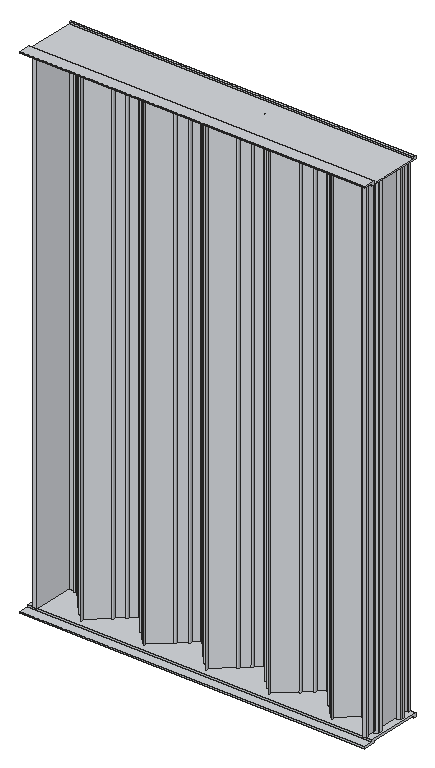
Revit family
Parameters
  Desired Width = 300.00 mm
  Blade Count = if(Blade Number < 2, 2, Blade Number)  # 5
  Actual Width = Blade Pitch * Blade Count + 14.00 mm * 2  # 308.00 mm
  URL = ""
  Type Comments = "Opposed Blade Damper"  # constant formula
  Model = "OBD"  # constant formula
  Manufacturer = "Holyoake Industries Ltd"  # constant formula
  Height = 450.00 mm
  Frame [instance] = none
  Description = "Control dampers for fixed volume balancing and adjustment."  # constant formula
  Depth = 50.00 mm  # constant formula
  Created By = "Productspec Ltd"  # constant formula
  Blade Pitch = 56.00 mm  # constant formula
  Blade Offset = 3.04 mm  # constant formula
  Blade Length = Height - 3.04 mm * 2  # 443.92 mm
  Author = "Zinder Zhao"  # constant formula
  Blade Number = Desired Width / Blade Pitch  # 5
Reference planes
  plane 1 "Back": y = 0
  plane 2 "Bottom": z = 0
  plane 3 "Center (Left/Right)": x = 0
  plane 4 "Front": y = -57.15
  plane 5 "Right": x = 154
  plane 6 "Left": x = -154
  plane 7 "Top": z = 450
  plane 8: z = 225
  plane 9: x = -140
  plane 10: x = 140
  plane 11: x = -112
  plane 12: y = -12.01
  plane 13: y = -41.666
  plane 14: x = -84
  plane 15 "Blade Offset": z = 3.04
  plane 16: y = -50
Forms (mm)
  Sweep 1, solid, material <- "Frame", detail levels medium+fine
    path origin (-154, 0, 0) x (0, 1, 0) y (0, 0, 1)
      loop
        line (0, 446.96) -> (0, 3.04)
    profile "Holyoake_OpposedBladeDamper_OBD_End : Holyoake_OpposedBladeDamper_OBD_End" origin (-154, 0, 225) x (0, 1, 0) y (1, 0, 0)
      loop
        line (-47.27, 4.8) -> (-47.27, 6.6) -> (-38.974, 6.6)
        arc (-38.974, 6.6) -> (-39.387, 4.417) -> (-38.159, 2.564) r 2.95
        arc (-38.159, 2.564) -> (-37.428, 3.137) -> (-37.789, 3.994) r 0.765
        arc (-37.789, 3.994) -> (-36.448, 6.597) -> (-35.431, 3.851) r 1.6
        arc (-35.431, 3.851) -> (-35.575, 3.029) -> (-34.881, 2.564) r 0.765
        arc (-34.881, 2.564) -> (-33.653, 4.417) -> (-34.066, 6.6) r 2.95
        line (-34.066, 6.6) -> (-13.554, 6.6)
        arc (-13.554, 6.6) -> (-13.967, 4.417) -> (-12.739, 2.564) r 2.95
        arc (-12.739, 2.564) -> (-12.008, 3.137) -> (-12.369, 3.994) r 0.765
        arc (-12.369, 3.994) -> (-11.028, 6.597) -> (-10.011, 3.851) r 1.6
        arc (-10.011, 3.851) -> (-10.155, 3.029) -> (-9.461, 2.564) r 0.765
        arc (-9.461, 2.564) -> (-8.233, 4.417) -> (-8.646, 6.6) r 2.95
        line (-8.646, 6.6) -> (-1.7, 6.6) -> (-1.7, 4.8) -> (0, 4.8) -> (0, 8) -> (-11.25, 8) -> (-11.25, 13.24)
        arc (-11.25, 13.24) -> (-12.01, 14) -> (-12.77, 13.24) r 0.76
        line (-12.77, 13.24) -> (-12.77, 8) -> (-48.97, 8) -> (-48.97, 4.8) -> (-47.27, 4.8)
  Sweep 2, solid, material <- "Frame", detail levels medium+fine
    path origin (154, 0, 0) x (0, 1, 0) y (0, 0, 1)
      loop
        line (0, 446.96) -> (0, 3.04)
    profile "Holyoake_OpposedBladeDamper_OBD_End : Holyoake_OpposedBladeDamper_OBD_End" origin (154, 0, 225) x (0, 1, 0) y (1, 0, 0)
      loop
        line (-47.27, -4.8) -> (-48.97, -4.8) -> (-48.97, -8) -> (-12.77, -8) -> (-12.77, -13.24)
        arc (-12.77, -13.24) -> (-12.01, -14) -> (-11.25, -13.24) r 0.76
        line (-11.25, -13.24) -> (-11.25, -8) -> (0, -8) -> (0, -4.8) -> (-1.7, -4.8) -> (-1.7, -6.6) -> (-8.646, -6.6)
        arc (-8.646, -6.6) -> (-8.233, -4.417) -> (-9.461, -2.564) r 2.95
        arc (-9.461, -2.564) -> (-10.155, -3.029) -> (-10.011, -3.851) r 0.765
        arc (-10.011, -3.851) -> (-11.028, -6.597) -> (-12.369, -3.994) r 1.6
        arc (-12.369, -3.994) -> (-12.008, -3.137) -> (-12.739, -2.564) r 0.765
        arc (-12.739, -2.564) -> (-13.967, -4.417) -> (-13.554, -6.6) r 2.95
        line (-13.554, -6.6) -> (-34.066, -6.6)
        arc (-34.066, -6.6) -> (-33.653, -4.417) -> (-34.881, -2.564) r 2.95
        arc (-34.881, -2.564) -> (-35.575, -3.029) -> (-35.431, -3.851) r 0.765
        arc (-35.431, -3.851) -> (-36.448, -6.597) -> (-37.789, -3.994) r 1.6
        arc (-37.789, -3.994) -> (-37.428, -3.137) -> (-38.159, -2.564) r 0.765
        arc (-38.159, -2.564) -> (-39.387, -4.417) -> (-38.974, -6.6) r 2.95
        line (-38.974, -6.6) -> (-47.27, -6.6) -> (-47.27, -4.8)
  Sweep 3, solid, material <- "Frame"
    path origin (0, 0, 450) x (0, 1, 0) y (-1, 0, 0)
      loop
        line (0, 154) -> (0, -154)
    profile "Holyoake_OpposedBladeDamper_OBD_Side : Holyoake_OpposedBladeDamper_OBD_Side" origin (0, 0, 450) x (0, 1, 0) y (0, 0, 1)
      loop
        line (0, 0) -> (-1.85, 0) -> (-1.85, -1.77) -> (-47.08, -1.77) -> (-47.08, 0) -> (-57.15, 0) -> (-57.15, -1.27) -> (-48.63, -1.27) -> (-48.63, -3.04) -> (0, -3.04) -> (0, 0)
  Sweep 4, solid, material <- "Frame"
    path origin (0, 0, 0) x (1, 0, 0) y (0, 1, 0)
      loop
        line (-154, 0) -> (154, 0)
    profile "Holyoake_OpposedBladeDamper_OBD_Side : Holyoake_OpposedBladeDamper_OBD_Side" origin (0, 0, 0) x (0, 1, 0) y (0, 0, 1)
      loop
        line (0, 0) -> (0, 3.04) -> (-48.63, 3.04) -> (-48.63, 1.27) -> (-57.15, 1.27) -> (-57.15, 0) -> (-47.08, 0) -> (-47.08, 1.77) -> (-1.85, 1.77) -> (-1.85, 0) -> (0, 0)
  Extrusion 5, solid, detail levels coarse
    sketch origin (0, 0, 0) x (1, 0, 0) y (0, 0, 1)
      loop
        line (-146, 446.96) -> (-146, 3.04) -> (146, 3.04) -> (146, 446.96) -> (-146, 446.96)
    from 0 to 50
Dimensions and locks
  equal spacing: plane 6 "Left", plane 3 "Center (Left/Right)", plane 5 "Right"
  "Actual Width": plane 6 "Left" to plane 5 "Right"
  equal spacing: group 1, group 2, group 3, group 4, group 5  (x3)
  locked: plane 6 "Left" to plane 9 at 14
  locked: plane 10 to plane 5 "Right" at 14
  "Blade Pitch": plane 9 to plane 14
  equal spacing: plane 9, plane 11, plane 14
  plane 12 to plane 1 "Back" = 12.01 mm
  plane 13 to plane 4 "Front" = 15.484 mm
  locked: plane 4 "Front" to plane 16 at 7.15
  "Depth": plane 16 to plane 1 "Back"
  "Blade Offset": plane 15 "Blade Offset" to plane 2 "Bottom"
  equal spacing: plane 7 "Top", plane 8, plane 2 "Bottom"
  "Height": plane 7 "Top" to plane 2 "Bottom"
  aligned and locked: nested 1 to plane 12
  aligned and locked: nested 3 to plane 12
  aligned and locked: plane 9 to nested 1
  aligned and locked: nested 3 to plane 14
  aligned and locked: plane 13 to nested 2
  aligned and locked: plane 13 to nested 4
  aligned and locked: Sweep 3 to Extrusion 5 sketch curve
  aligned and locked: plane 15 "Blade Offset" to Extrusion 5 sketch curve
  aligned and locked: Extrusion 5 sketch curve to Sweep 2
  aligned and locked: Extrusion 5 sketch curve to Sweep 1
Automatic sketch dimensions
  Sweep 3 sketch curve to plane 1 "Back" = 0.00 mm
  Sweep 3 sketch curve to plane 5 "Right" = 0.00 mm
  Sweep 3 sketch curve to plane 6 "Left" = 0.00 mm
  Sweep 4 sketch curve to plane 1 "Back" = 0.00 mm
  Sweep 4 sketch curve to plane 6 "Left" = 0.00 mm
  Sweep 4 sketch curve to plane 5 "Right" = 0.00 mm
  Sweep 1 sketch curve to plane 1 "Back" = 0.00 mm
  level to Sweep 1 sketch curve = 3.04 mm
  Sweep 1 sketch curve to plane 7 "Top" = 3.04 mm
  Sweep 2 sketch curve to plane 1 "Back" = 0.00 mm
  level to Sweep 2 sketch curve = 3.04 mm
  Sweep 2 sketch curve to plane 7 "Top" = 3.04 mm
Nested families
  nested 1: "Holyoake_OBD_Blade" at (-140, -12.01, 3.04), built-in parameter 1001364 <- "Blade Offset", type "Blade", detail levels medium+fine
    with Length 443.92 mm
  nested 2: "Holyoake_OBD_Blade" at (-112.133, -41.666, 3.04) x (0, 1, 0) z (0, 0, 1), built-in parameter 1001364 <- "Blade Offset", type "Blade"
    with Length 443.92 mm
  nested 3: "Holyoake_OBD_Blade" at (-84, -12.01, 3.04), built-in parameter 1001364 <- "Blade Offset", type "Blade", detail levels medium+fine
    with Length 443.92 mm
  nested 4: "Holyoake_OBD_Blade" at (-56.133, -41.666, 3.04) x (0, 1, 0) z (0, 0, 1), built-in parameter 1001364 <- "Blade Offset", type "Blade"
    with Length 443.92 mm
  nested 5: "Holyoake_OBD_Blade" at (-28, -12.01, 3.04), built-in parameter 1001364 <- "Blade Offset", type "Blade", detail levels medium+fine
    with Length 443.92 mm
  nested 6: "Holyoake_OBD_Blade" at (-0.133, -41.666, 3.04) x (0, 1, 0) z (0, 0, 1), built-in parameter 1001364 <- "Blade Offset", type "Blade"
    with Length 443.92 mm
  nested 7: "Holyoake_OBD_Blade" at (28, -12.01, 3.04), built-in parameter 1001364 <- "Blade Offset", type "Blade", detail levels medium+fine
    with Length 443.92 mm
  nested 8: "Holyoake_OBD_Blade" at (55.867, -41.666, 3.04) x (0, 1, 0) z (0, 0, 1), built-in parameter 1001364 <- "Blade Offset", type "Blade"
    with Length 443.92 mm
  nested 9: "Holyoake_OBD_Blade" at (84, -12.01, 3.04), built-in parameter 1001364 <- "Blade Offset", type "Blade", detail levels medium+fine
    with Length 443.92 mm
  nested 10: "Holyoake_OBD_Blade" at (111.867, -41.666, 3.04) x (0, 1, 0) z (0, 0, 1), built-in parameter 1001364 <- "Blade Offset", type "Blade"
    with Length 443.92 mm
Connectors
  hvac at (0, -50, 225), driven by "Height", driven by "Actual Width"
    settings: on Extrusion 5, index 1
  hvac at (0, 0, 225), driven by "Height", driven by "Actual Width"
    settings: on Extrusion 5, index 2
Definition of nested family "Holyoake_OBD_Blade"
  Parameters (values of type "Blade")
    Length = 1760.00 mm
    Assembly Code = ""
  Reference planes
    plane 1 "Center (Front/Back)": y = 0
    plane 2: z = 0
    plane 3 "Center (Left/Right)": x = 0
    plane 4: z = 1760
  Forms (mm)
    Sweep 1, solid
      path origin (0, 0, 0) x (1, 0, 0) y (0, 0, 1)
        loop
          line (0, 1760) -> (0, 0)
      profile "Holyoake_OpposedBladeDamper_OBD_Blade : Holyoake_OpposedBladeDamper_OBD_Blade" origin (0, 0, 880) x (1, 0, 0) y (0, -1, 0)
        loop
          line (-1.124, 1.124) -> (1.124, -1.124)
          arc (1.124, -1.124) -> (1.452, -0.332) -> (1.124, 0.46) r 1.12
          line (1.124, 0.46) -> (15.436, 14.771)
          arc (15.436, 14.771) -> (17.02, 14.771) -> (17.02, 16.355) r 1.12
          line (17.02, 16.355) -> (22.613, 21.949)
          arc (22.613, 21.949) -> (24.197, 21.949) -> (24.197, 23.533) r 1.12
          line (24.197, 23.533) -> (28.532, 27.867) -> (27.867, 28.532) -> (23.533, 24.197)
          arc (23.533, 24.197) -> (21.949, 24.197) -> (21.949, 22.613) r 1.12
          line (21.949, 22.613) -> (16.355, 17.02)
          arc (16.355, 17.02) -> (14.771, 17.02) -> (14.771, 15.436) r 1.12
          line (14.771, 15.436) -> (0.46, 1.124)
          arc (0.46, 1.124) -> (-0.332, 1.452) -> (-1.124, 1.124) r 1.12
  Dimensions and locks
    "Length": plane 4 to plane 2
  Automatic sketch dimensions
    Sweep 1 sketch curve to level = 0.00 mm
    Sweep 1 sketch curve to plane 3 "Center (Left/Right)" = 0.00 mm
    Sweep 1 sketch curve to plane 4 = 0.00 mm
